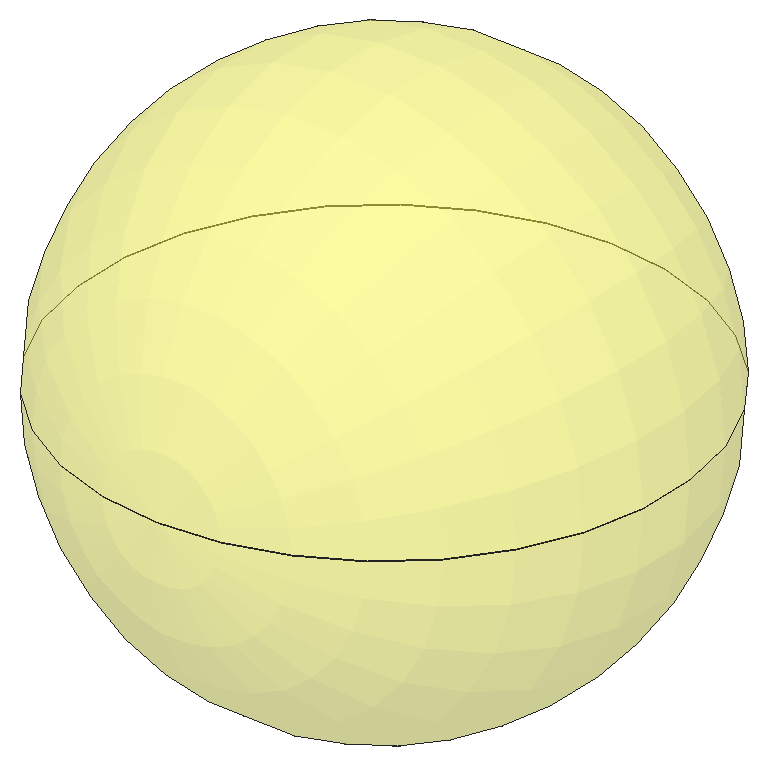
Revit family "ClashPoint", category Обобщенные модели, Revit 2020
Family settings
  Может служить основой для арматурных стержней = Нет
  Размер круглого соединителя = Использовать диаметр
  Тип детали = Нормальный
  На основе рабочей плоскости = Нет
  Всегда вертикально = Да
  При загрузке вырезать с полостями = Нет
  Общий = Нет
  Точка расчета площади = Нет
Parameters (values of type "ClashPoint")
  Отметка по умолчанию = 0 mm
  Комментарии к типоразмеру = "ClashPoint"  # constant formula
  Ключевая пометка = "SYS"  # constant formula
  Группа модели = "NavisWorks"  # constant formula
Reference planes
  plane 1 "По центру (Вперед/Назад)": y = 0
  plane 2: z = 0
  plane 3 "По центру (Влево/Вправо)": x = 0
Forms (mm)
  Revolve 1, solid, material "NavisWorks_ClashObject"
    sketch origin (0, 0, 0) x (1, 0, 0) y (0, 1, 0)
      loop
        arc (0, 500) -> (-500, 0) -> (0, -500) r 500
        line (0, -500) -> (0, 500)
      axis (0, 500) -> (0, -500)
    angle from 0 to 360
Lines and regions (mm)
  model lines, style "NavisWorks_ClashPoint"
    curve 1: circle (0, 0, 0) r 500 normal (0, 0, 1)
    curve 2: circle (0, 0, 0) r 500 normal (0, -1, 0)
    curve 3: circle (0, 0, 0) r 500 normal (1, 0, 0)
    curve 4: line (0, -750, 0) -> (0, 750, 0)
    curve 5: line (-750, 0, 0) -> (750, 0, 0)
    curve 6: line (0, 0, -750) -> (0, 0, 750)
Dimensions and locks
  aligned and locked: level to plane 2
